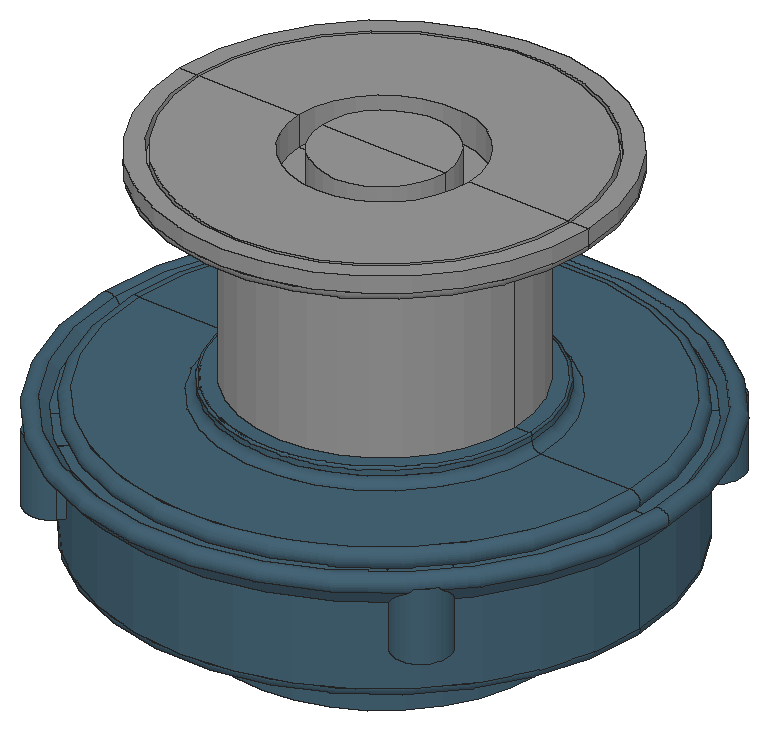
Revit family "Drain_Floor_Round-Zurn-Z415H-LR", category Plumbing Fixtures, Revit 2022
Family settings
  Round Connector Dimension = Use Radius
  Part Type = Normal
  OmniClass Number = 23.70.50.21.24.14
  OmniClass Title = Deck Waste Water Drains
  Work Plane-Based = No
  Always vertical = Yes
  Cut with Voids When Loaded = No
  Maintain Annotation Orientation = No
  Shared = No
  Room Calculation Point = No
Parameters (values of type "Load Family Type Catalog")
  Waste Connection = 1 = 1  # yes
  WFU = 0  # constant formula
  Vent Connection = 1 = 0  # no
  URL = "www.zurn.com"
  Type Comments = "ZN415H-LR with 6 Inch Strainer and 4 Inch IP Threaed Outlet"
  Strainer Position (K') - Input [instance] = 5.000"
  Strainer Position (K') [instance] = if([Strainer Position (K') - Input] < Min. Strainer Position, Min. Strainer Position, if([Strainer Position (K') - Input] > Max. Strainer Position, Max. Strainer Position, [Strainer Position (K') - Input]))  # 3.313"
  Strainer Open Area = 1.900 in²  # constant formula
  Strainer Material = Bronze - Zurn - Polished Nickel
  Strainer Diameter (B) = 6.000"
  Product data url = "https://www.bimobject.com/en-us/zurnindustries/product/zurn-z415h"
  Product Page URL = "https://www.zurn.com/products/drainage-interceptors/floor-drains/finish-floor-drains/z415h"
  Product Installation Sheet URL = "https://files.zurn.com/care-cleaning-install-warranty-sheets/fd84.pdf"
  Product Documentation Link = "https://files.zurn.com/spec-sheets/z415h.pdf"
  Pipe Size 'A' (Outer Radius) = [Pipe Size 'A' (Outer Diameter)] / 2  # 2.250"
  Pipe Size 'A' (Outer Diameter) = 4.500"
  Pipe Size 'A' (Nominal Radius) = [Pipe Size 'A' (Nominal Diameter)] / 2  # 2.000"
  Pipe Size 'A' (Nominal Diameter) = 4.000"
  Pipe Size 'A' (Inner Radius) = [Pipe Size 'A' (Inner Diameter)] / 2  # 2.013"
  Pipe Size 'A' (Inner Diameter) = 4.026"
  Modified Date = "02/12/2026"  # constant formula
  Model = "ZN415H-LR"
  Min. Strainer Position [instance] = if([Strainer Diameter (B)] = 6.000", 1.250", 1.250")  # 1.250"
  Max. Strainer Position [instance] = if([Strainer Diameter (B)] = 6.000", 3.313", 3.313")  # 3.313"
  Material Main = Iron - Zurn - Cast - Painted - Blue
  Manufacurer Brand = "Zurn"  # constant formula
  Manufacturer = "Zurn Water, LLC"  # constant formula
  HWFU = 0  # constant formula
  HW Connection = 1 = 0  # no
  Grate Radius = ([Strainer Diameter (B)] - 0.600") / 2  # 2.700"
  Description = "BODY ASSEMBLY W/ “TYPE H” CLAMP DEVICE AND “TYPE LR” LIGATURE RESISTATANT STRAINER"  # constant formula
  Default Elevation = 30.000"
  Date Created = "02/12/2026"  # constant formula
  CWFU = 0  # constant formula
  CW Connection = 1 = 0  # no
  Body Height (E) = 2.813"
  Assembly Code = "D2030300"
  Approx. Wt. Lbs. = 13.00 lbf  # constant formula
Reference planes (in)
  plane 1 "Center (Front/Back)": y = 0
  plane 2: z = 0
  plane 3 "Center (Left/Right)": x = 0
  plane 4: z = -3.313
  plane 5: z = -6.126
  plane 6: z = -4.43883
  plane 7: z = -3.8007
  plane 8: x = -1
  plane 9: x = 1
  plane 10: z = -5.1255
  plane 11: x = 2.69
  plane 12: z = -3.46127
  plane 13: z = -4.99436
  plane 14: x = 3
  plane 15: x = -3
  plane 16: y = -3
  plane 17: y = 3
  plane 18: through (0, 0, 47.24409) normal (-0.7071, 0.7071, 0)
  plane 19: through (-0.26517, 0.26517, 47.24409) normal (-0.7071, 0.7071, 0)
  plane 20: through (0.26517, -0.26517, 47.24409) normal (-0.7071, 0.7071, 0)
  plane 21: through (0, 0, 47.24409) normal (0.7071, 0.7071, 0)
  plane 22: through (2.33063, 3.06176, 47.24409) normal (0.7071, 0.7071, 0)
  plane 23: through (-2.33063, 3.06176, 47.24409) normal (0.7071, -0.7071, 0)
  plane 24: through (2.33063, -3.06176, 47.24409) normal (-0.7071, 0.7071, 0)
  plane 25: through (-2.33063, -3.06176, 47.24409) normal (-0.7071, -0.7071, 0)
  plane 26: through (-2.33063, 3.06176, 47.24409) normal (0.7071, -0.7071, 0)
  plane 27: through (0.26517, 0.26517, 47.24409) normal (0.7071, 0.7071, 0)
  plane 28: through (-0.26517, -0.26517, 47.24409) normal (0.7071, 0.7071, 0)
  plane 29: z = -0.85
  plane 30: z = -0.188
  plane 31: x = 2
  plane 32: x = -2
  plane 33: y = -2
  plane 34: y = 2
Forms (in)
  Revolve 1, solid, material "Iron - Zurn - Cast - Painted - Blue" <- "Material Main", visible <- "Waste Connection", detail levels fine
    sketch origin (0, 0, 0) x (1, 0, 0) y (0, 0, 1)
      loop
        arc (-3.75, -5.0005) -> (-3.71339, -5.08889) -> (-3.625, -5.1255) r 0.125
        line (-3.625, -5.1255) -> (-2.375, -5.1255)
        arc (-2.375, -5.1255) -> (-2.28661, -5.16211) -> (-2.25, -5.2505) r 0.125
        line (-2.25, -5.2505) -> (-2.25, -6.126) -> (-2.013, -6.126) -> (-2.013, -5.0005)
        arc (-2.013, -5.0005) -> (-2.04961, -4.91211) -> (-2.138, -4.8755) r 0.125
        line (-2.138, -4.8755) -> (-3.425, -4.8755)
        arc (-3.425, -4.8755) -> (-3.51339, -4.83889) -> (-3.55, -4.7505) r 0.125
        line (-3.55, -4.7505) -> (-3.55, -3.46127) -> (-3.84822, -3.46127) -> (-3.96161, -3.34788)
        arc (-3.96161, -3.34788) -> (-4.13839, -3.34788) -> (-4.13839, -3.52465) r 0.125
        line (-4.13839, -3.52465) -> (-3.86235, -3.8007) -> (-3.75, -3.8007) -> (-3.75, -5.0005)
      axis (0, -3.34788) -> (0, -6.126)
    angle from 0 to 360
  Revolve 2, solid, material "Iron - Zurn - Cast - Painted - Blue" <- "Material Main", visible <- "Waste Connection", detail levels fine
    sketch origin (0, 0, 0) x (1, 0, 0) y (0, 0, 1)
      loop
        line (-3.62457, -3.46127) -> (-2.19378, -3.46127)
        arc (-2.19378, -3.46127) -> (-2.10268, -3.42477) -> (-2.06197, -3.33546) r 0.13195
        line (-2.06197, -3.33546) -> (-2.06197, -3.18627) -> (-1.91548, -3.18627) -> (-1.91548, -2.98627) -> (-2.13293, -2.98627)
        arc (-2.13293, -2.98627) -> (-2.15503, -2.99542) -> (-2.16418, -3.01752) r 0.03125
        line (-2.16418, -3.01752) -> (-2.16418, -3.08627)
        arc (-2.16418, -3.08627) -> (-2.20079, -3.17465) -> (-2.28918, -3.21127) r 0.125
        line (-2.28918, -3.21127) -> (-3.60452, -3.21127)
        arc (-3.60452, -3.21127) -> (-3.74997, -3.3254) -> (-3.62457, -3.46127) r 0.1258
      axis (0, -2.98627) -> (0, -3.46127)
    angle from 0 to 360
  Revolve 3, solid, material "Bronze - Zurn - Polished Nickel" <- "Strainer Material", detail levels fine
    sketch origin (0, 0, 0) x (1, 0, 0) y (0, 0, 1)
      loop
        line (-1.91548, -0.6506) -> (-1.91548, -3.313) -> (-1.72798, -3.313) -> (-1.72798, -0.74755)
        arc (-1.72798, -0.74755) -> (-1.74499, -0.68459) -> (-1.7914, -0.63876) r 0.125
        line (-1.7914, -0.63876) -> (-2.5878, -0.188) -> (-2.75, -0.188) -> (-2.75, 0) -> (-3, 0) -> (-3, -0.2235)
        arc (-3, -0.2235) -> (-2.97189, -0.30247) -> (-2.90021, -0.34593) r 0.125
        line (-2.90021, -0.34593) -> (-2.01526, -0.52816)
        arc (-2.01526, -0.52816) -> (-1.94358, -0.57162) -> (-1.91548, -0.6506) r 0.125
      axis (0, 0) -> (0, -3.313)
    angle from 0 to 360
  Extrusion 4, solid, material "Iron - Zurn - Cast - Painted - Blue" <- "Material Main", detail levels fine
    sketch origin (0, 0, 0) x (1, 0, 0) y (0, 1, 0)
      loop
        line (2.43103, 2.96136) -> (1.5026, 2.03293) -> (2.03293, 1.5026) -> (2.96136, 2.43103)
        arc (2.96136, 2.43103) -> (2.96136, 2.96136) -> (2.43103, 2.96136) r 0.375
      loop
        arc (-2.43103, 2.96136) -> (-2.96136, 2.96136) -> (-2.96136, 2.43103) r 0.375
        line (-2.96136, 2.43103) -> (-2.03293, 1.5026) -> (-1.5026, 2.03293) -> (-2.43103, 2.96136)
      loop
        arc (2.43103, -2.96136) -> (2.96136, -2.96136) -> (2.96136, -2.43103) r 0.375
        line (2.96136, -2.43103) -> (2.03293, -1.5026) -> (1.5026, -2.03293) -> (2.43103, -2.96136)
      loop
        line (-2.43103, -2.96136) -> (-1.5026, -2.03293) -> (-2.03293, -1.5026) -> (-2.96136, -2.43103)
        arc (-2.96136, -2.43103) -> (-2.96136, -2.96136) -> (-2.43103, -2.96136) r 0.375
    from -3.46127 to -4.43883
Lines and regions (in)
  Masking region 1, detail levels fine
    outline origin (0, 0, 0) x (1, 0, 0) y (0, 1, 0)
      loop
        circle (0, 0) r 4.5
  model lines, style "PlumbingFixtures", detail levels coarse+medium
    curve 1: line (0, 0, 0) -> (0, 0, -6.126)
  model lines, detail levels coarse+medium
    curve 2: line (-2, 0, -6.126) -> (2, 0, -6.126)
    curve 3: line (0, 2, -6.126) -> (0, -2, -6.126)
  model lines, style "GenericModel", detail levels coarse+medium
    curve 4: circle (0, 0, 0) r 2.7 normal (0, 0, 1)
    curve 5: circle (0, 0, 0) r 3 normal (0, 0, 1)
    curve 6: circle (0, 0, 0) r 0.9 normal (0, 0, 1)
    curve 7: circle (0, 0, 0) r 1.25 normal (0, 0, 1)
Dimensions and locks (in)
  "Body Height (E)": plane 4 to plane 5
  "Strainer Position (K')": level to plane 4
  locked: plane 4 to plane 6 at 1.12583
  locked: plane 4 to plane 7 at 0.4877
  locked: Revolve 1 sketch curve to plane 10 at 0.25
  locked: plane 4 to plane 12 at 0.14827
  locked: plane 13 to plane 10 at 0.13114
  locked: Revolve 3 sketch curve to Revolve 3 sketch curve at 0.1875
  "Pipe Size 'A' (Inner Radius)": plane 3 "Center (Left/Right)" to Revolve 1 sketch curve
  "Pipe Size 'A' (Outer Radius)": plane 3 "Center (Left/Right)" to Revolve 1 sketch curve
  Revolve 2 sketch curve to Revolve 2 sketch curve = 0.24871"
  locked: Revolve 2 sketch curve to Revolve 2 sketch curve at 0.475
  locked: Revolve 2 sketch curve to Revolve 2 sketch curve at 0.2
  Revolve 2 sketch curve to plane 4 to Revolve 2 sketch curve = 0.10173" locked, 0.14827" locked
  locked: Revolve 2 sketch curve to Revolve 2 sketch curve at 0.03125
  locked: plane 3 "Center (Left/Right)" to Revolve 2 sketch curve at 3.62457
  locked: plane 3 "Center (Left/Right)" to Revolve 1 sketch curve at 3.55
  equal spacing: plane 15, plane 3 "Center (Left/Right)", plane 14
  "Strainer Diameter (B)": plane 15 to plane 14
  equal spacing: plane 16, plane 1 "Center (Front/Back)", plane 17
  "Strainer Diameter (B)": plane 16 to plane 17
  locked: Revolve 1 sketch curve to Revolve 1 sketch curve at 0.2
  locked: Revolve 1 sketch curve to Revolve 1 sketch curve at 0.025
  Revolve 1 sketch curve to Revolve 1 sketch curve = 0.500"
  locked: plane 4 to plane 10 at 1.8125
  locked: plane 21 to plane 22 at 3.813
  locked: plane 23 to plane 18 at 3.813
  locked: plane 25 to plane 21 at 3.813
  locked: plane 18 to plane 24 at 3.813
  locked: plane 21 to Extrusion 4 sketch curve at 2.5
  equal spacing: plane 19, plane 18, plane 20
  locked: plane 19 to plane 20 at 0.75
  equal spacing: plane 27, plane 21, plane 28
  locked: plane 27 to plane 28 at 0.75
  equal spacing: Extrusion 4 sketch curve, plane 3 "Center (Left/Right)", Extrusion 4 sketch curve
  locked: Extrusion 4 sketch curve to Extrusion 4 sketch curve at 5.3924  (x2)
  locked: Extrusion 4 sketch curve to plane 18 at 2.5
  Extrusion 4 sketch curve to Extrusion 4 sketch curve = 5.3924"
  locked: Extrusion 4 sketch curve to plane 21 at 2.5
  locked: plane 18 to Extrusion 4 sketch curve at 2.5
  Revolve 3 sketch curve to plane 15 = 0.250"
  "Pipe Size 'A' (Nominal Radius)": plane 32 to plane 3 "Center (Left/Right)" to plane 31
  "Pipe Size 'A' (Nominal Radius)": plane 33 to plane 1 "Center (Front/Back)" to plane 34
  locked: level to plane 30 at 0.188
  locked: plane 3 "Center (Left/Right)" to Revolve 3 sketch curve at 1.72798
  locked: level to plane 29 at 0.85
  locked: Revolve 3 sketch curve to plane 15 at 0.125
  locked: plane 30 to Revolve 3 sketch curve at 0.0355
  locked: curve 7 to plane 3 "Center (Left/Right)" at 1.25
  radius of Revolve 1 sketch curve = 0.125"  (x4)
  radius of Extrusion 4 sketch curve = 0.375"  (x4)
  radius of Masking region 1 sketch curve = 4.500"
  radius of Revolve 3 sketch curve = 0.125"  (x2)
  "Grate Radius": radius of curve 4
  "Strainer Diameter (B)": diameter of curve 5
  locked: Revolve 1 sketch curve to Revolve 1 sketch curve (angle 45.00°)
  locked: plane 1 "Center (Front/Back)" to plane 18 (angle 45.00°)
  aligned and locked: level to plane 2
  aligned and locked: plane 10 to Revolve 1 sketch curve
  aligned and locked: Revolve 2 sketch curve to plane 3 "Center (Left/Right)"
  aligned and locked: Revolve 3 sketch curve to plane 3 "Center (Left/Right)"
  aligned and locked: Revolve 1 sketch curve to plane 5
  aligned and locked: plane 5 to curve 1
  aligned and locked: plane 3 "Center (Left/Right)" to curve 1
  aligned and locked: plane 1 "Center (Front/Back)" to curve 2
  aligned and locked: curve 3 to plane 3 "Center (Left/Right)"
  aligned and locked: Revolve 1 sketch curve to plane 3 "Center (Left/Right)"
  aligned and locked: Revolve 3 to curve 1
  aligned and locked: Revolve 1 sketch curve to plane 12
  aligned and locked: Revolve 3 sketch curve to plane 15
  aligned and locked: plane 19 to Extrusion 4 sketch curve  (x2)
  aligned and locked: Extrusion 4 sketch curve to plane 20  (x2)
  aligned and locked: plane 6 to Extrusion 4
  aligned and locked: plane 12 to Extrusion 4
  aligned and locked: Extrusion 4 sketch curve to plane 27  (x2)
  aligned and locked: plane 28 to Extrusion 4 sketch curve  (x2)
  aligned and locked: Revolve 3 sketch curve to plane 4
  aligned and locked: Revolve 3 sketch curve to plane 30
  aligned and locked: plane 34 to curve 3
  aligned and locked: plane 33 to curve 3
  aligned and locked: plane 31 to curve 2
  aligned and locked: plane 32 to curve 2
  aligned and locked: plane 3 "Center (Left/Right)" to Masking region 1 sketch curve
  aligned and locked: plane 1 "Center (Front/Back)" to Masking region 1 sketch curve
  aligned and locked: plane 3 "Center (Left/Right)" to curve 4
  aligned and locked: plane 1 "Center (Front/Back)" to curve 4
  aligned and locked: plane 3 "Center (Left/Right)" to curve 5
  aligned and locked: plane 1 "Center (Front/Back)" to curve 5
  aligned and locked: plane 3 "Center (Left/Right)" to nested 1
  aligned and locked: plane 1 "Center (Front/Back)" to nested 1
  aligned and locked: nested 1 to level
  aligned and locked: curve 6 to nested 1
  aligned and locked: plane 1 "Center (Front/Back)" to curve 7
Automatic sketch dimensions
  plane 25 to Extrusion 4 sketch curve = 0.000"
  Revolve 2 sketch curve to Revolve 2 sketch curve = 0.02005"
  plane 8 to Revolve 2 sketch curve = 1.28918"
  Revolve 2 sketch curve to plane 4 = 0.01631"
  Revolve 2 sketch curve to Revolve 2 sketch curve = 0.0954"
  Revolve 2 sketch curve to Revolve 2 sketch curve = 0.125"
  Revolve 2 sketch curve to Revolve 2 sketch curve = 0.10221"
  plane 5 to Revolve 2 sketch curve = 0.00083"
  level to Revolve 2 sketch curve = 0.620"
  Revolve 3 sketch curve to level = 0.000"
  Revolve 3 sketch curve to level = 0.34593"
  Revolve 3 sketch curve to Revolve 3 sketch curve = 0.1622"
  Revolve 3 sketch curve to Revolve 3 sketch curve = 0.125"
  plane 29 to Revolve 3 sketch curve = 0.21124"
  Revolve 3 sketch curve to plane 29 = 0.9836"
  level to Revolve 3 sketch curve = 4.6284"
  curve 4 to curve 7 = 0.000"
  Revolve 1 sketch curve to plane 7 = 0.000"
  Revolve 1 sketch curve to plane 4 = 0.03488"
  plane 13 to Revolve 1 sketch curve = 0.00614"
  Revolve 1 sketch curve to plane 5 = 8.84821"
  level to Revolve 1 sketch curve = 87.17776"
Nested families (in)
  nested 1: "Grate_Z415H-LR" at (0, 0, 0), Strainer Material <- "Strainer Material", type "6 Inch", detail levels fine
    with Strainer Material Bronze - Zurn - Polished Nickel, Enter Value-Frame Adjustment Height 0.000"
Connectors (in)
  piping at (0, 0, -6.126), diameter 4, driven by "Pipe Size 'A' (Nominal Radius)", driven by "Waste Connection", driven by "Waste Connection"
    settings: on Revolve 1, index 1, connector inside diameter 24", connector length 0.000", flow factor 0, pipe flow 0.0 L/s, pressure drop 0.0 Pa, fitting loss kfactor 0, connector angle 0.00°, fixture units 0, engagement length 0.000", angle of deflection 0.00°, flow configuration 0, flow direction 2, fitting loss method 0, system type 16, joint type 0, gender type 0, connector reference index -1, connector utility 1, adjustable connector yes, is connector primary yes, connector description "Sanitary Outlet"
Definition of nested family "Grate_Z415H-LR"
  Parameters (values of type "6 Inch")
    Waste Connection = 1 = 1  # yes
    WFU = 1  # constant formula
    Vent Connection = 1 = 0  # no
    URL = "www.zurn.com"
    Strainer Radius (B) = ([Strainer Diameter (B)] - 0.600") / 2  # 2.700"
    Strainer Material [instance] = none
    Strainer Diameter (B) = 6.000"
    Product data url = ""
    Product Page URL = ""
    Product Installation Sheet URL = ""
    Product Documentation Link = ""
    Pipe Size_A Outer Diameter = 0.000"
    Pipe Size_A Nominal Diameter = 0.000"
    Pipe Size_A Inside Diameter = 0.000"
    Modified Date = ""
    Manufacurer Brand = "Zurn"  # constant formula
    Manufacturer = "Zurn Water, LLC"  # constant formula
    HWFU = 0  # constant formula
    HW Connection = 1 = 0  # no
    Grate Open Area = 0.000"
    Enter Value-Frame Adjustment Height [instance] = 0.000"
    Default Elevation = 20.000"  # constant formula
    Date Created = ""
    Connector Radius = Pipe Size_A Nominal Diameter / 2  # 0.000"
    CWFU = 0  # constant formula
    CW Connection = 1 = 0  # no
    Body Height_E = 0.000"
    Assembly Code = ""
    Approx. Weight (Lbs) = 0.000"
  Reference planes (in)
    plane 1 "Center (Front/Back)": y = 0
    plane 2: z = 0
    plane 3 "Center (Left/Right)": x = 0
    plane 4: z = -0.188
  Forms (in)
    Revolve 1, solid, material <- "Strainer Material"
      sketch origin (0, 0, 0) x (1, 0, 0) y (0, 0, 1)
        loop
          line (0, 0) -> (-0.9, 0) -> (-0.9, -0.42293) -> (-1.25, -0.42293) -> (-1.25, 0) -> (-2.7, 0) -> (-2.7, -0.188) -> (-1.6, -0.188) -> (-1.6, -0.52293) -> (-0.9, -0.52293) -> (-0.9, -0.72952)
          arc (-0.9, -0.72952) -> (-0.96206, -0.87934) -> (-1.11188, -0.9414) r 0.21188
          arc (-1.11188, -0.9414) -> (-1.16188, -0.9914) -> (-1.11188, -1.0414) r 0.05
          arc (-1.11188, -1.0414) -> (-0.89135, -0.95005) -> (-0.8, -0.72952) r 0.31188
          line (-0.8, -0.72952) -> (-0.8, -0.188) -> (0, -0.188) -> (0, 0)
        axis (0, 0) -> (0, -1.0414)
      angle from 0 to 360
  Dimensions and locks (in)
    locked: level to plane 4 at 0.188
    "Strainer Radius (B)": plane 3 "Center (Left/Right)" to Revolve 1 sketch curve
    locked: plane 4 to Revolve 1 sketch curve at 0.33493
    locked: plane 3 "Center (Left/Right)" to Revolve 1 sketch curve at 0.9
    locked: Revolve 1 sketch curve to Revolve 1 sketch curve at 0.35  (x2)
    locked: Revolve 1 sketch curve to Revolve 1 sketch curve at 0.51847
    locked: plane 3 "Center (Left/Right)" to Revolve 1 sketch curve at 0.8
    locked: Revolve 1 sketch curve to Revolve 1 sketch curve at 0.1
    radius of Revolve 1 sketch curve = 0.21188"
    radius of Revolve 1 sketch curve = 0.31188"
    aligned and locked: plane 2 to level
    aligned and locked: Revolve 1 sketch curve to plane 3 "Center (Left/Right)"  (x2)
    aligned and locked: level to Revolve 1 sketch curve
    aligned and locked: Revolve 1 sketch curve to level
    aligned and locked: plane 4 to Revolve 1 sketch curve  (x2)
  Automatic sketch dimensions
    Revolve 1 sketch curve to Revolve 1 sketch curve = 0.000"  (x2)
    Revolve 1 sketch curve to Revolve 1 sketch curve = 0.050"
    Revolve 1 sketch curve to Revolve 1 sketch curve = 0.21188"
    Revolve 1 sketch curve to Revolve 1 sketch curve = 0.20659"
    Revolve 1 sketch curve to Revolve 1 sketch curve = 0.100"
    Revolve 1 sketch curve to Revolve 1 sketch curve = 22.9586"
    level to Revolve 1 sketch curve = 102.71882"
Types in the file's own list only (9): name | Type Comments | Strainer Diameter (B) | Pipe Size 'A' (Outer Radius) | Pipe Size 'A' (Outer Diameter) | Pipe Size 'A' (Nominal Radius) | Pipe Size 'A' (Nominal Diameter) | Pipe Size 'A' (Inner Radius) | Pipe Size 'A' (Inner Diameter) | Grate Radius | Default Elevation | Body Height (E) | Approx. Wt. Lbs.
  ZN415H-LR-2IP-6B | "ZN415H-LR with 6 Inch Strainer and 2 Inch IP Threaed Outlet" | 6.000 " | 1.188 " | 2.375 " | 1.000 " | 2.000 " | 1.034 " | 2.067 " | 2.700 " | 30.000 " | 2.438 " | 13.00 lb
  ZN415H-LR-3IP-6B | "ZN415H-LR with 6 Inch Strainer and 3 Inch IP Threaed Outlet" | 6.000 " | 1.750 " | 3.500 " | 1.500 " | 3.000 " | 1.534 " | 3.068 " | 2.700 " | 30.000 " | 2.750 " | 13.00 lb
  ZN415H-LR-4IP-6B | "ZN415H-LR with 6 Inch Strainer and 4 Inch IP Threaed Outlet" | 6.000 " | 2.250 " | 4.500 " | 2.000 " | 4.000 " | 2.013 " | 4.026 " | 2.700 " | 30.000 " | 2.813 " | 13.00 lb
  ZN415H-LR-2NH-6B | "ZN415H-LR with 6 Inch Strainer and 2 Inch No-Hub Outlet" | 6.000 " | 1.188 " | 2.375 " | 1.000 " | 2.000 " | 1.034 " | 2.067 " | 2.700 " | 30.000 " | 3.813 " | 13.00 lb
  ZN415H-LR-3NH-6B | "ZN415H-LR with 6 Inch Strainer and 3 Inch No-Hub Outlet" | 6.000 " | 1.750 " | 3.500 " | 1.500 " | 3.000 " | 1.534 " | 3.068 " | 2.700 " | 30.000 " | 3.813 " | 13.00 lb
  ZN415H-LR-4NH-6B | "ZN415H-LR with 6 Inch Strainer and 4 Inch No-Hub Outlet" | 6.000 " | 2.250 " | 4.500 " | 2.000 " | 4.000 " | 2.013 " | 4.026 " | 2.700 " | 30.000 " | 3.813 " | 13.00 lb
  ZN415H-LR-2NL-6B | "ZN415H-LR with 6 Inch Strainer and 2 Inch Neo-Loc Outlet" | 6.000 " | 1.188 " | 2.375 " | 1.000 " | 2.000 " | 1.034 " | 2.067 " | 2.700 " | 30.000 " | 3.875 " | 13.00 lb
  ZN415H-LR-3NL-6B | "ZN415H-LR with 6 Inch Strainer and 3 Inch Neo-Loc Outlet" | 6.000 " | 1.750 " | 3.500 " | 1.500 " | 3.000 " | 1.513 " | 3.026 " | 2.700 " | 30.000 " | 3.875 " | 13.00 lb
  ZN415H-LR-4NL-6B | "ZN415H-LR with 6 Inch Strainer and 4 Inch Neo-Loc Outlet" | 6.000 " | 2.250 " | 4.500 " | 2.000 " | 4.000 " | 2.013 " | 4.026 " | 2.700 " | 30.000 " | 3.875 " | 13.00 lb
